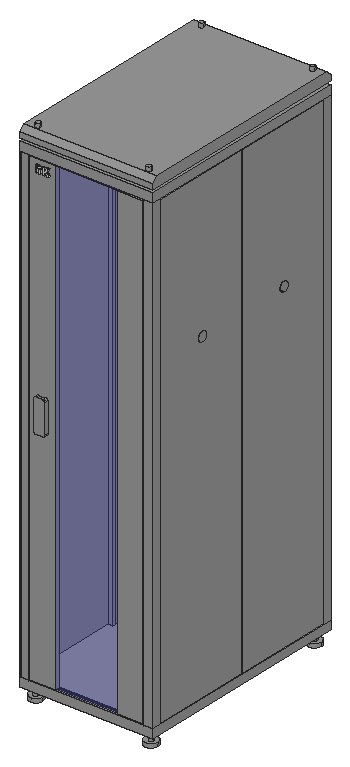
Revit family "ITK Шкаф сетевой 19 LINEA N 18U (600х1000 мм ) со стеклянной передней дверью", category Электрооборудование, Revit 2016
Family settings
  Тип детали = Другая панель
  Размер круглого соединителя = Использовать диаметр
  Номер OmniClass = 23.80.30.11.17
  Заголовок OmniClass = Distribution Boards and Control Panels
  На основе рабочей плоскости = Нет
  Всегда вертикально = Да
  При загрузке вырезать с полостями = Нет
  Общий = Нет
  Точка расчета площади = Нет
Parameters
  Ширина УГО = Ширина / 100  # 6 mm
  Ширина = 600 mm
  Степень защиты = "IP20"
  Смещение УГО по X [instance] = 1000 mm
  Основание = 50 mm
  Описание = "Напольные 19-дюймовые шкафы серии LINEA N применяются для размещения различного телекоммуникационного 19-дюймового активного и пассивного оборудования и небольших серверов, а также специализированного оборудования стандарта 19 дюймов, и отлично подходят для размещения как в офисных помещениях, так и в специализированных серверных комнатах.\r\n\r\nШирокий диапазон типоразмеров и модификаций сетевых шкафов, а также наличие большого количества комплектующих и аксессуаров к ним позволяет заказчику подобрать необходимую спецификацию в соответствии со стоящими перед ним задачами, а соответствие международным стандартам, таким как ISO9001, IEC 297, ISO/IEC 1180, обеспечивает совместимость с компонентами СКС и оборудованием других производителей.\r\n\r\nШкафы LINEA N обладают современным привлекательным дизайном и технологичной, но в то же время простой и удобной конструкцией, которая дает возможность эффективно справляться с задачами быстрого монтажа, администрирования и оперативного изменения конфигурации 19-дюймового оборудования, задачей защиты этого оборудования и поддержания для него оптимального температурного режима. Доступ внутрь шкафа возможен со всех сторон, для ввода кабеля предусмотрены вводы в верхней и нижней части. Сборка шкафа осуществляется одним специалистом и занимает не более 20 минут.\r\nРегулируемые по глубине 19-дюймовые направляющие.\r\nСовременный привлекательный дизайн.\r\nМонтажные профили имеют разметку в юнитах (U).\r\nХорошая естественная вентиляция, возможность установки дополнительных вентиляторных модулей.\r\nБоковые стенки оснащены замком и защелками.\r\nВозможность замены регулируемых ножек на ролики с тормозом.\r\nСтатическая нагрузка до 1000 кг (ножки).\r\nСборка одним человеком за 20 минут.\r\nНаличие большого количества совместимых аксессуаров и комплектующих производства ITK.\r\nВозможно исполнение в двух цветах: сером (RAL7035) и черном (RAL9005).\r\nРасширенная гарантия до 10 лет."  # constant formula
  Материал = Окраска - RAL 9005
  Крышка вентиляционная = 60 mm
  Type Comments = " "
  Assembly Code = ""
  Изготовитель = "ITK"  # constant formula
  Засечка УГО = 1.2 mm  # constant formula
  Model = ""
  Глубина УГО = Глубина / 100  # 10 mm
  Глубина = 1000 mm
  Высота = 2312 mm
  Вид установки = "Напольный"
  URL = "http://www.itk-group.ru/produktsiya/catalog/?page=section&id=450&pagen=1&pagec=100"
  ADSK_Ток = ADSK_Номинальная мощность / (ADSK_Коэффициент мощности * ADSK_Напряжение * sqrt(ADSK_Количество фаз числовое))  # 0 A
  ADSK_Примечание = ""
  ADSK_Полная мощность = ADSK_Номинальная мощность / ADSK_Коэффициент мощности  # 0 VA
  ADSK_Позиция [instance] = ""
  ADSK_Номинальная мощность = 0 W
  ADSK_Напряжение = 220 V
  ADSK_Наименование краткое = "LN35-47U61-G"
  ADSK_Наименование = "ITK Шкаф сетевой 19\" LINEA N 47U 600х1000 мм, стеклянная передняя дверь, серый"
  ADSK_Масса = 0
  ADSK_Марка = "LN35-47U61-G"
  ADSK_Коэффициент мощности = 1
  ADSK_Количество фаз числовое = 1
  ADSK_Количество фаз = 1
  ADSK_Код изделия = ""
  ADSK_Классификация нагрузок = Прочее
  ADSK_Завод-изготовитель = "IEK"
  ADSK_Единица измерения = "шт"
  ADSK_Группирование = "I. ЩИТЫ И ПУЛЬТЫ"
Reference planes
  plane 1 "По центру (Вперед/Назад)": y = 0
  plane 2: z = 0
  plane 3 "По центру (Влево/Вправо)": x = 0
  plane 4: x = -300
  plane 5: x = 300
  plane 6: y = 500
  plane 7: y = -500
  plane 8: z = 2312
  plane 9: z = 250
  plane 10: z = 2252
  plane 11: z = 50
  plane 12 "Смещение УГО по X": x = -1000
Forms (mm)
  Extrusion 1, solid, detail levels coarse+medium
    sketch origin (0, 0, 0) x (1, 0, 0) y (0, 1, 0)
      loop
        line (-300, 500) -> (-300, -500) -> (300, -500) -> (300, 500) -> (-300, 500)
    from 0 to 2312 <- "Высота"
Lines and regions (mm)
  reference lines
    curve 1: line (0, 241.146, 0) -> (0, -338.854, 0)
Dimensions and locks
  equal spacing: plane 7, plane 1 "По центру (Вперед/Назад)", plane 6
  "Глубина": plane 7 to plane 6
  equal spacing: plane 4, plane 3 "По центру (Влево/Вправо)", plane 5
  "Ширина": plane 4 to plane 5
  "Крышка вентиляционная": plane 8 to plane 10
  "Основание": plane 11 to plane 2
  "Высота": plane 8 to plane 2
  plane 12 "Смещение УГО по X" to plane 3 "По центру (Влево/Вправо)" = 1000 mm
  "Смещение УГО по X": plane 12 "Смещение УГО по X" to curve 1
  aligned and locked: level to plane 2
  aligned and locked: plane 1 "По центру (Вперед/Назад)" to nested 1
  aligned and locked: plane 3 "По центру (Влево/Вправо)" to nested 1
  aligned and locked: plane 1 "По центру (Вперед/Назад)" to nested 2
  aligned and locked: plane 3 "По центру (Влево/Вправо)" to nested 2
  aligned and locked: plane 1 "По центру (Вперед/Назад)" to nested 3
  aligned and locked: plane 3 "По центру (Влево/Вправо)" to nested 3
  aligned and locked: plane 3 "По центру (Влево/Вправо)" to nested 4
  aligned and locked: plane 1 "По центру (Вперед/Назад)" to nested 4
  aligned and locked: plane 1 "По центру (Вперед/Назад)" to nested 5
  aligned and locked: plane 3 "По центру (Влево/Вправо)" to nested 5
  aligned and locked: plane 1 "По центру (Вперед/Назад)" to nested 6
  aligned and locked: plane 3 "По центру (Влево/Вправо)" to nested 6
  aligned and locked: Extrusion 1 sketch curve to plane 4
  aligned and locked: Extrusion 1 sketch curve to plane 6
  aligned and locked: plane 7 to Extrusion 1 sketch curve
  aligned and locked: plane 5 to Extrusion 1 sketch curve
  aligned and locked: plane 1 "По центру (Вперед/Назад)" to nested 7
  aligned and locked: plane 3 "По центру (Влево/Вправо)" to nested 8
  aligned and locked: plane 1 "По центру (Вперед/Назад)" to nested 8
  aligned and locked: nested 1 to nested 6
  aligned and locked: nested 7 to curve 1
Automatic sketch dimensions
  curve 1 to plane 7 = 161.146 mm
  curve 1 to plane 1 "По центру (Вперед/Назад)" = 241.146 mm
Nested families
  nested 1: "Стойка_комплект 4шт" at (0, 0, 0), type "Стойка_комплект 4шт", detail levels fine
    with Основание 50 mm, Глубина 1000 mm, Высота 2312 mm
  nested 2: "Панель задняя" at (0, 0, 0), type "Панель задняя", detail levels fine
    with Основание 50 mm, Крыша вентиляционная 60 mm, Глубина 1000 mm, Высота 2312 mm
  nested 3: "Основание_2шт" at (0, 0, 0), type "Основание_2шт", detail levels fine
    with Крыша вентиляционная 60 mm, Глубина 1000 mm, Высота 2312 mm
  nested 4: "Крыша вентиляционная" at (0, 0, 0), type "Крыша вентиляционная", detail levels fine
    with Крыша вентиляционная 60 mm, Глубина 1000 mm, Высота 2312 mm
  nested 5: "Ножки" at (0, 0, 0), type "Ножки", detail levels fine
    with Крыша вентиляционная 60 mm, Глубина 1000 mm, Высота 2312 mm
  nested 6: "Комплект двери стекляной" at (0, 0, 0), type "Комплект двери стекляной", detail levels fine
    with Основание 50 mm, Крыша вентиляционная 60 mm, Глубина 1000 mm, Высота 2312 mm
  nested 7: "УГО (одна дверь)" at (0, 0, 0), type "УГО (одна дверь)", detail levels coarse+medium
    with Ширина УГО 6 mm, Засечка УГО 1.2 mm, Глубина УГО 10 mm
  nested 8: "Панель боковая (1000мм)_2шт" at (0, 0, 0), type "Панель боковая (1000мм)_2шт", detail levels fine
Connectors
  electrical at (0, 500, 1156), driven by "ADSK_Напряжение", driven by "ADSK_Количество фаз", driven by "ADSK_Коэффициент мощности", driven by "ADSK_Классификация нагрузок", driven by "ADSK_Полная мощность"
    settings: on Extrusion 1, index 1, voltage 220 V, apparent load 0 VA, apparent load phase1 0 VA, apparent load phase2 0 VA, apparent load phase3 0 VA, power factor 1, load classification "Прочее", number of poles 1, system type 31, power factor state 1, is connector primary yes, connector utility no, sub classification motor no, connector description ""
Definition of nested family "Стойка_комплект 4шт"
  Parameters
    Ширина = 600 mm
    Основание = 150 mm
    Материал = none
    Крыша вентиляционная = 60 mm
    Глубина = 600 mm
    Высота = 2200 mm
  Reference planes
    plane 1 "По центру (Вперед/Назад)": y = 0
    plane 2: z = 0
    plane 3 "По центру (Влево/Вправо)": x = 0
    plane 4: x = -300
    plane 5: x = 300
    plane 6: y = 300
    plane 7: y = -300
    plane 8: y = 260
    plane 9: y = -260
    plane 10: x = -260
    plane 11: x = 260
    plane 12: z = 2100
    plane 13: z = 190
    plane 14: z = 150
    plane 15: z = 2140
    plane 16: z = 2200
  Forms (mm)
    Extrusion 1, solid, material <- "Материал"
      sketch origin (0, 0, 0) x (1, 0, 0) y (0, 1, 0)
        loop
          line (-300, -260) -> (-300, -300) -> (-260, -300) -> (-260, -280) -> (-245, -280) -> (-245, -260) -> (-260, -260) -> (-260, -245) -> (-270, -245) -> (-270, -260) -> (-300, -260)
        loop
          line (300, -260) -> (270, -260) -> (270, -245) -> (260, -245) -> (260, -260) -> (245, -260) -> (245, -280) -> (260, -280) -> (260, -300) -> (300, -300) -> (300, -260)
        loop
          line (300, 260) -> (300, 300) -> (260, 300) -> (260, 270) -> (245, 270) -> (245, 260) -> (260, 260) -> (260, 245) -> (270, 245) -> (270, 260) -> (300, 260)
        loop
          line (-300, 260) -> (-270, 260) -> (-270, 245) -> (-260, 245) -> (-260, 260) -> (-245, 260) -> (-245, 270) -> (-260, 270) -> (-260, 300) -> (-300, 300) -> (-300, 260)
        loop
          line (297, 297) -> (263, 297) -> (263, 267) -> (248, 267) -> (248, 263) -> (263, 263) -> (263, 248) -> (267, 248) -> (267, 263) -> (297, 263) -> (297, 297)
        loop
          line (-263, 297) -> (-297, 297) -> (-297, 263) -> (-267, 263) -> (-267, 248) -> (-263, 248) -> (-263, 263) -> (-248, 263) -> (-248, 267) -> (-263, 267) -> (-263, 297)
        loop
          line (-297, -263) -> (-297, -297) -> (-263, -297) -> (-263, -277) -> (-248, -277) -> (-248, -263) -> (-263, -263) -> (-263, -248) -> (-267, -248) -> (-267, -263) -> (-297, -263)
        loop
          line (263, -297) -> (297, -297) -> (297, -263) -> (267, -263) -> (267, -248) -> (263, -248) -> (263, -263) -> (248, -263) -> (248, -277) -> (263, -277) -> (263, -297)
      from 190 to 2100
  Dimensions and locks
    equal spacing: plane 7, plane 1 "По центру (Вперед/Назад)", plane 6
    equal spacing: plane 4, plane 3 "По центру (Влево/Вправо)", plane 5
    "Ширина": plane 4 to plane 5
    "Глубина": plane 7 to plane 6
    locked: plane 7 to plane 9 at 40
    locked: plane 6 to plane 8 at 40
    locked: plane 11 to plane 5 at 40
    locked: plane 4 to plane 10 at 40
    locked: plane 15 to plane 12 at 40
    "Крыша вентиляционная": plane 16 to plane 15
    locked: plane 13 to plane 14 at 40
    "Основание": plane 14 to plane 2
    "Высота": plane 16 to plane 2
    aligned and locked: level to plane 2
    aligned and locked: plane 9 to Extrusion 1 sketch curve
    aligned and locked: plane 4 to Extrusion 1 sketch curve
    aligned and locked: Extrusion 1 sketch curve to plane 7
    aligned and locked: plane 5 to Extrusion 1 sketch curve
    aligned and locked: plane 8 to Extrusion 1 sketch curve  (x2)
    aligned and locked: Extrusion 1 sketch curve to plane 11  (x2)
    aligned and locked: Extrusion 1 sketch curve to plane 6
    aligned and locked: plane 10 to Extrusion 1 sketch curve  (x2)
    aligned and locked: Extrusion 1 sketch curve to plane 8  (x2)
    aligned and locked: plane 6 to Extrusion 1 sketch curve
    aligned and locked: Extrusion 1 sketch curve to plane 4
    aligned and locked: plane 7 to Extrusion 1 sketch curve
    aligned and locked: Extrusion 1 sketch curve to plane 5
    aligned and locked: Extrusion 1 sketch curve to plane 9
    aligned and locked: plane 11 to Extrusion 1 sketch curve
    aligned and locked: plane 12 to Extrusion 1
    aligned and locked: Extrusion 1 to plane 13
  Automatic sketch dimensions
    Extrusion 1 sketch curve to plane 10 = 0 mm  (x2)
    plane 9 to Extrusion 1 sketch curve = 0 mm  (x2)
    Extrusion 1 sketch curve to plane 11 = 0 mm
    plane 4 to Extrusion 1 sketch curve = 3 mm  (x2)
    Extrusion 1 sketch curve to plane 10 = 10 mm  (x2)
    Extrusion 1 sketch curve to Extrusion 1 sketch curve = 3 mm  (x16)
    Extrusion 1 sketch curve to plane 10 = 3 mm  (x4)
    plane 10 to Extrusion 1 sketch curve = 12 mm  (x2)
    Extrusion 1 sketch curve to Extrusion 1 sketch curve = 15 mm  (x2)
    Extrusion 1 sketch curve to plane 11 = 3 mm  (x4)
    Extrusion 1 sketch curve to Extrusion 1 sketch curve = 4 mm  (x4)
    plane 5 to Extrusion 1 sketch curve = 3 mm  (x2)
    Extrusion 1 sketch curve to plane 7 = 3 mm  (x2)
    Extrusion 1 sketch curve to plane 7 = 20 mm  (x2)
    plane 9 to Extrusion 1 sketch curve = 3 mm  (x4)
    Extrusion 1 sketch curve to plane 9 = 12 mm  (x2)
    Extrusion 1 sketch curve to plane 8 = 15 mm  (x2)
    plane 8 to Extrusion 1 sketch curve = 3 mm  (x4)
    Extrusion 1 sketch curve to plane 6 = 3 mm  (x2)
Definition of nested family "Панель задняя"
  Parameters
    Ширина = 600 mm
    Основание = 150 mm
    Материал = none
    Крыша вентиляционная = 45 mm
    Глубина = 600 mm
    Высота = 1800 mm
  Reference planes
    plane 1 "По центру (Вперед/Назад)": y = 0
    plane 2: z = 0
    plane 3 "По центру (Влево/Вправо)": x = 0
    plane 4: x = -300
    plane 5: x = 300
    plane 6: y = 300
    plane 7: y = -300
    plane 8: y = 260
    plane 9: y = -260
    plane 10: x = -260
    plane 11: x = 260
    plane 12: z = 1715
    plane 13: z = 190
    plane 14: z = 1710
    plane 15: z = 195
    plane 16: z = 1755
    plane 17: z = 1800
    plane 18: z = 150
    plane 19: z = 240
    plane 20: z = 320
    plane 21: z = 370
    plane 22: z = 1665
    plane 23: z = 1585
    plane 24: z = 1535
    plane 25: z = 952.5
    plane 26: x = 140
    plane 27: x = -140
  Forms (mm)
    Extrusion 1, solid, material <- "Материал"
      sketch origin (0, 0, 0) x (1, 0, 0) y (0, 1, 0)
        loop
          line (-255, 300) -> (-255, 270) -> (-245, 270) -> (-245, 290) -> (245, 290) -> (245, 270) -> (255, 270) -> (255, 300) -> (-255, 300)
      from 195 to 1710
    Extrusion 2, void
      sketch origin (0, 0, 0) x (1, 0, 0) y (0, 0, 1)
        loop
          line (-255, 372.527) -> (-255, 367.473) -> (255, 367.473) -> (255, 372.527) -> (-255, 372.527)
        loop
          line (-175, 320) -> (-175, 240) -> (175, 240) -> (175, 320) -> (-175, 320)
        loop
          line (-170, 245) -> (170, 245) -> (170, 315) -> (-170, 315) -> (-170, 245)
        loop
          line (-255, 1532.473) -> (255, 1532.473) -> (255, 1537.527) -> (-255, 1537.527) -> (-255, 1532.473)
        loop
          line (-175, 1585) -> (175, 1585) -> (175, 1665) -> (-175, 1665) -> (-175, 1585)
        loop
          line (-170, 1660) -> (-170, 1590) -> (170, 1590) -> (170, 1660) -> (-170, 1660)
      from -300 to -293
  Cuts and joins
    Extrusion 2 cuts Extrusion 1
  Dimensions and locks
    equal spacing: plane 7, plane 1 "По центру (Вперед/Назад)", plane 6
    equal spacing: plane 4, plane 3 "По центру (Влево/Вправо)", plane 5
    "Ширина": plane 4 to plane 5
    "Глубина": plane 7 to plane 6
    locked: plane 7 to plane 9 at 40
    locked: plane 6 to plane 8 at 40
    locked: plane 11 to plane 5 at 40
    locked: plane 4 to plane 10 at 40
    locked: plane 12 to plane 14 at 5
    locked: plane 15 to plane 13 at 5
    locked: plane 16 to plane 12 at 40
    "Крыша вентиляционная": plane 17 to plane 16
    locked: plane 13 to plane 18 at 40
    "Основание": plane 18 to plane 2
    equal spacing: Extrusion 2 sketch curve, plane 21, Extrusion 2 sketch curve
    locked: Extrusion 2 sketch curve to Extrusion 2 sketch curve at 5.053  (x2)
    equal spacing: Extrusion 2 sketch curve, plane 3 "По центру (Влево/Вправо)", Extrusion 2 sketch curve  (x2)
    locked: Extrusion 2 sketch curve to Extrusion 2 sketch curve at 350  (x2)
    locked: plane 19 to plane 13 at 50
    locked: plane 21 to plane 20 at 50
    locked: plane 20 to plane 19 at 80
    locked: plane 23 to plane 24 at 50
    locked: plane 12 to plane 22 at 50
    locked: plane 22 to plane 23 at 80
    equal spacing: Extrusion 2 sketch curve, plane 24, Extrusion 2 sketch curve
    locked: plane 27 to plane 10 at 120
    locked: plane 26 to plane 11 at 120
    "Высота": plane 17 to plane 2
    equal spacing: plane 18, plane 25, plane 16
    aligned and locked: level to plane 2
    aligned and locked: Extrusion 1 sketch curve to plane 6
    aligned and locked: plane 14 to Extrusion 1
    aligned and locked: Extrusion 1 to plane 15
    aligned and locked: Extrusion 2 sketch curve to Extrusion 1  (x2)
    aligned and locked: Extrusion 2 sketch curve to plane 20
    aligned and locked: plane 19 to Extrusion 2 sketch curve
    aligned and locked: plane 6 to Extrusion 2
    aligned and locked: Extrusion 2 sketch curve to plane 23
    aligned and locked: plane 22 to Extrusion 2 sketch curve
    aligned and locked: nested 2 to plane 25
    aligned and locked: plane 26 to nested 2
    aligned and locked: nested 1 to plane 25
    aligned and locked: nested 1 to plane 27
  Automatic sketch dimensions
    plane 10 to Extrusion 1 sketch curve = 5 mm
    Extrusion 1 sketch curve to Extrusion 1 sketch curve = 10 mm
    plane 11 to Extrusion 1 sketch curve = 15 mm
    plane 11 to Extrusion 1 sketch curve = 5 mm
    Extrusion 1 sketch curve to plane 6 = 10 mm
    plane 8 to Extrusion 1 sketch curve = 10 mm  (x2)
    plane 10 to Extrusion 2 sketch curve = 5 mm
    Extrusion 2 sketch curve to Extrusion 2 sketch curve = 5 mm  (x4)
    plane 11 to Extrusion 2 sketch curve = 5 mm
    plane 19 to Extrusion 2 sketch curve = 5 mm
    Extrusion 2 sketch curve to plane 20 = 5 mm
    plane 23 to Extrusion 2 sketch curve = 5 mm
    Extrusion 2 sketch curve to plane 22 = 5 mm
  Nested families
    nested 1: "Замок" at (-140, 300, 952.5) x (-1, 0, 0) z (0, 1, 0), type "Замок"
    nested 2: "Замок" at (140, 300, 952.5) x (-1, 0, 0) z (0, 1, 0), type "Замок"
  Definition of nested family "Замок"
    Parameters
      Default Elevation = 1219.2 mm
      Материал = none
    Reference planes
      plane 1 "По центру (Вперед/Назад)": y = 0
      plane 2: z = 0
      plane 3 "По центру (Влево/Вправо)": x = 0
    Forms (mm)
      Extrusion 1, solid
        sketch origin (0, 0, 0) x (1, 0, 0) y (0, 1, 0)
          loop
            line (-1219.2, 1219.2) -> (-1219.2, -1219.2) -> (1219.2, -1219.2) -> (1219.2, 1219.2) -> (-1219.2, 1219.2)
        from 0 to -304.8
      Extrusion 2, solid, material <- "Материал"
        sketch origin (0, 0, 0) x (1, 0, 0) y (0, 1, 0)
          loop
            circle (0, 0) r 20
          loop
            line (3, 8.219) -> (-3, 8.219) -> (-3, -8.219) -> (3, -8.219) -> (3, 8.219)
        from 0 to 7
    Dimensions and locks
      aligned and locked: plane 2 to Extrusion 1
      aligned and locked: level to Extrusion 1
Definition of nested family "Основание_2шт"
  Parameters
    Ширина = 600 mm
    Основание = 50 mm
    Материал = none
    Крыша вентиляционная = 100 mm
    Глубина = 600 mm
    Высота = 1800 mm
  Reference planes
    plane 1 "По центру (Вперед/Назад)": y = 0
    plane 2: z = 0
    plane 3 "По центру (Влево/Вправо)": x = 0
    plane 4: x = -300
    plane 5: x = 300
    plane 6: y = 300
    plane 7: y = -300
    plane 8: y = 260
    plane 9: y = -260
    plane 10: x = -260
    plane 11: x = 260
    plane 12: z = 1800
    plane 13: z = 90
    plane 14: z = 50
    plane 15: z = 1700
    plane 16: z = 1660
    plane 17: z = 1655
    plane 18: z = 95
  Forms (mm)
    Extrusion 1, solid, material <- "Материал"
      sketch origin (0, 0, 0) x (1, 0, 0) y (0, 0, 1)
        loop
          line (-300, 1700) -> (-300, 1660) -> (300, 1660) -> (300, 1700) -> (-300, 1700)
        loop
          line (-300, 90) -> (-300, 50) -> (300, 50) -> (300, 90) -> (-300, 90)
      from -300 to 300
    Extrusion 2, solid, material <- "Материал"
      sketch origin (-1511.359, -1524, 1660) x (-1, 0, 0) y (0, -1, 0)
        loop
          line (-1771.359, -1769) -> (-1771.359, -1784) -> (-1756.359, -1784) -> (-1756.359, -1814) -> (-1266.359, -1814) -> (-1266.359, -1784) -> (-1251.359, -1784) -> (-1251.359, -1769) -> (-1221.359, -1769) -> (-1221.359, -1279) -> (-1251.359, -1279) -> (-1251.359, -1264) -> (-1266.359, -1264) -> (-1266.359, -1244) -> (-1756.359, -1244) -> (-1756.359, -1264) -> (-1771.359, -1264) -> (-1771.359, -1279) -> (-1801.359, -1279) -> (-1801.359, -1769) -> (-1771.359, -1769)
      from -5 to 0
    Extrusion 3, solid, material <- "Материал"
      sketch origin (-1511.359, -1524, 384.733) x (0, 1, 0) y (1, 0, 0)
        loop
          line (1769, 1771.359) -> (1769, 1801.359) -> (1279, 1801.359) -> (1279, 1771.359) -> (1264, 1771.359) -> (1264, 1756.359) -> (1244, 1756.359) -> (1244, 1266.359) -> (1264, 1266.359) -> (1264, 1251.359) -> (1279, 1251.359) -> (1279, 1221.359) -> (1769, 1221.359) -> (1769, 1251.359) -> (1784, 1251.359) -> (1784, 1266.359) -> (1814, 1266.359) -> (1814, 1756.359) -> (1784, 1756.359) -> (1784, 1771.359) -> (1769, 1771.359)
      from 289.733 to 294.733
  Dimensions and locks
    equal spacing: plane 7, plane 1 "По центру (Вперед/Назад)", plane 6
    equal spacing: plane 4, plane 3 "По центру (Влево/Вправо)", plane 5
    "Ширина": plane 4 to plane 5
    "Глубина": plane 7 to plane 6
    locked: plane 7 to plane 9 at 40
    locked: plane 6 to plane 8 at 40
    locked: plane 11 to plane 5 at 40
    locked: plane 4 to plane 10 at 40
    "Основание": plane 14 to plane 2
    locked: plane 13 to plane 14 at 40
    locked: plane 15 to plane 16 at 40
    "Крыша вентиляционная": plane 12 to plane 15
    locked: plane 16 to plane 17 at 5
    locked: plane 18 to plane 13 at 5
    "Высота": plane 12 to plane 2
    aligned and locked: level to plane 2
    aligned and locked: Extrusion 1 sketch curve to plane 15
    aligned and locked: plane 4 to Extrusion 1 sketch curve  (x2)
    aligned and locked: plane 16 to Extrusion 1 sketch curve
    aligned and locked: plane 5 to Extrusion 1 sketch curve  (x2)
    aligned and locked: Extrusion 1 sketch curve to plane 13
    aligned and locked: plane 14 to Extrusion 1 sketch curve
    aligned and locked: plane 6 to Extrusion 1
    aligned and locked: plane 7 to Extrusion 1
    aligned and locked: plane 9 to Extrusion 2 sketch curve
    aligned and locked: Extrusion 2 sketch curve to plane 9
    aligned and locked: Extrusion 2 sketch curve to plane 10
    aligned and locked: plane 11 to Extrusion 2 sketch curve
    aligned and locked: Extrusion 2 sketch curve to plane 11
    aligned and locked: plane 8 to Extrusion 2 sketch curve
    aligned and locked: Extrusion 2 sketch curve to plane 8
    aligned and locked: plane 10 to Extrusion 2 sketch curve
    aligned and locked: plane 16 to Extrusion 2
    aligned and locked: Extrusion 2 to plane 17
    aligned and locked: Extrusion 3 to plane 13
    aligned and locked: plane 18 to Extrusion 3
    aligned and locked: Extrusion 2 sketch curve to Extrusion 3
  Automatic sketch dimensions
    plane 5 to Extrusion 2 sketch curve = 10 mm
    Extrusion 2 sketch curve to Extrusion 2 sketch curve = 15 mm  (x2)
    plane 10 to Extrusion 2 sketch curve = 15 mm  (x2)
    plane 4 to Extrusion 2 sketch curve = 10 mm
    Extrusion 2 sketch curve to plane 6 = 10 mm
    Extrusion 2 sketch curve to plane 8 = 15 mm  (x2)
    Extrusion 2 sketch curve to plane 9 = 15 mm  (x2)
    plane 9 to Extrusion 3 sketch curve = 0 mm  (x2)
    Extrusion 3 sketch curve to plane 11 = 0 mm  (x2)
    Extrusion 3 sketch curve to plane 10 = 0 mm  (x2)
    Extrusion 3 sketch curve to plane 8 = 0 mm  (x2)
    Extrusion 3 sketch curve to plane 7 = 20 mm
    Extrusion 3 sketch curve to plane 9 = 15 mm  (x2)
    Extrusion 3 sketch curve to Extrusion 3 sketch curve = 15 mm  (x3)
    Extrusion 3 sketch curve to plane 8 = 15 mm
    Extrusion 3 sketch curve to plane 6 = 10 mm
    plane 5 to Extrusion 3 sketch curve = 10 mm
    plane 10 to Extrusion 3 sketch curve = 15 mm  (x2)
    plane 4 to Extrusion 3 sketch curve = 10 mm
Definition of nested family "Крыша вентиляционная"
  Parameters
    Ширина = 600 mm
    Основание = 50 mm
    Материал = none
    Крыша вентиляционная = 65 mm
    Глубина = 600 mm
    Высота = 1805 mm
  Reference planes
    plane 1 "По центру (Вперед/Назад)": y = 0
    plane 2: z = 0
    plane 3 "По центру (Влево/Вправо)": x = 0
    plane 4: x = -300
    plane 5: x = 300
    plane 6: y = 300
    plane 7: y = -300
    plane 8: y = 260
    plane 9: y = -260
    plane 10: x = -260
    plane 11: x = 260
    plane 12: z = 1805
    plane 13: z = 50
    plane 14: z = 1740
    plane 15: z = 1820
    plane 16: z = 1755
  Forms (mm)
    Extrusion 1, solid, material <- "Материал"
      sketch origin (-1511.359, -1524, 1710) x (-1, 0, 0) y (0, -1, 0)
        loop
          circle (-1761.359, -1784) r 10
        loop
          circle (-1761.359, -1264) r 10
        loop
          circle (-1261.359, -1784) r 10
        loop
          circle (-1261.359, -1264) r 10
      from 30 to 110
    Extrusion 2, solid, material <- "Материал"
      sketch origin (0, 0, 0) x (0, 1, 0) y (0, 0, 1)
        loop
          line (-275, 1805) -> (-300, 1780) -> (-300, 1755) -> (300, 1755) -> (300, 1780) -> (275, 1805) -> (-275, 1805)
      from -300 to 300
  Cuts and joins
    joined: Extrusion 1, Extrusion 2
  Dimensions and locks
    equal spacing: plane 7, plane 1 "По центру (Вперед/Назад)", plane 6
    equal spacing: plane 4, plane 3 "По центру (Влево/Вправо)", plane 5
    "Ширина": plane 4 to plane 5
    "Глубина": plane 7 to plane 6
    locked: plane 7 to plane 9 at 40
    locked: plane 6 to plane 8 at 40
    locked: plane 11 to plane 5 at 40
    locked: plane 4 to plane 10 at 40
    "Основание": plane 13 to plane 2
    "Крыша вентиляционная": plane 12 to plane 14
    locked: plane 15 to plane 12 at 15
    locked: plane 16 to plane 14 at 15
    equal spacing: plane 12, Extrusion 2 sketch curve, plane 16  (x2)
    "Высота": plane 12 to plane 2
    locked: plane 12 to Extrusion 2 sketch curve (angle 45.00°)
    locked: Extrusion 2 sketch curve to plane 12 (angle 45.00°)
    aligned and locked: level to plane 2
    aligned and locked: Extrusion 1 to plane 14
    aligned and locked: plane 15 to Extrusion 1
    aligned and locked: Extrusion 2 sketch curve to plane 12
    aligned and locked: Extrusion 2 sketch curve to plane 7
    aligned and locked: plane 16 to Extrusion 2 sketch curve
    aligned and locked: Extrusion 2 sketch curve to plane 6
    aligned and locked: Extrusion 2 to plane 4
    aligned and locked: Extrusion 2 to plane 5
  Automatic sketch dimensions
    plane 9 to Extrusion 1 sketch curve = 0 mm  (x2)
    Extrusion 1 sketch curve to plane 8 = 0 mm  (x2)
    plane 11 to Extrusion 1 sketch curve = 10 mm  (x2)
    plane 10 to Extrusion 1 sketch curve = 10 mm  (x2)
    radius of Extrusion 1 sketch curve = 10 mm  (x4)
Definition of nested family "Ножки"
  Parameters
    Ширина = 600 mm
    Основание = 50 mm
    Материал = none
    Крыша вентиляционная = 100 mm
    Глубина = 600 mm
    Высота = 1800 mm
  Reference planes
    plane 1 "По центру (Вперед/Назад)": y = 0
    plane 2: z = 0
    plane 3 "По центру (Влево/Вправо)": x = 0
    plane 4: x = -300
    plane 5: x = 300
    plane 6: y = 300
    plane 7: y = -300
    plane 8: y = 260
    plane 9: y = -260
    plane 10: x = -260
    plane 11: x = 260
    plane 12: z = 1850
    plane 13: z = 50
    plane 14: z = 15
  Forms (mm)
    Extrusion 1, solid, material <- "Материал"
      sketch origin (-1511.359, -1524, 1710) x (-1, 0, 0) y (0, -1, 0)
        loop
          circle (-1251.359, -1784) r 30
        loop
          circle (-1771.359, -1784) r 30
        loop
          circle (-1251.359, -1264) r 30
        loop
          circle (-1771.359, -1264) r 30
      from -1710 to -1695
    Extrusion 2, solid, material <- "Материал"
      sketch origin (-1511.359, -1524, 1710) x (-1, 0, 0) y (0, -1, 0)
        loop
          circle (-1251.359, -1784) r 10
        loop
          circle (-1771.359, -1784) r 10
        loop
          circle (-1251.359, -1264) r 10
        loop
          circle (-1771.359, -1264) r 10
      from -1695 to -1660
  Dimensions and locks
    equal spacing: plane 7, plane 1 "По центру (Вперед/Назад)", plane 6
    equal spacing: plane 4, plane 3 "По центру (Влево/Вправо)", plane 5
    "Ширина": plane 4 to plane 5
    "Глубина": plane 7 to plane 6
    locked: plane 7 to plane 9 at 40
    locked: plane 6 to plane 8 at 40
    locked: plane 11 to plane 5 at 40
    locked: plane 4 to plane 10 at 40
    "Основание": plane 13 to plane 2
    "Высота": plane 12 to plane 13
    locked: plane 14 to plane 2 at 15
    aligned and locked: level to plane 2
    aligned and locked: plane 10 to Extrusion 1 sketch curve  (x2)
    aligned and locked: plane 9 to Extrusion 1 sketch curve  (x2)
    aligned and locked: plane 11 to Extrusion 1 sketch curve  (x2)
    aligned and locked: plane 8 to Extrusion 1 sketch curve  (x2)
    aligned and locked: plane 10 to Extrusion 2 sketch curve  (x2)
    aligned and locked: plane 8 to Extrusion 2 sketch curve  (x2)
    aligned and locked: plane 11 to Extrusion 2 sketch curve  (x2)
    aligned and locked: plane 9 to Extrusion 2 sketch curve  (x2)
    aligned and locked: Extrusion 1 to level
    aligned and locked: plane 14 to Extrusion 1
    aligned and locked: Extrusion 2 to plane 14
    aligned and locked: plane 13 to Extrusion 2
  Automatic sketch dimensions
    radius of Extrusion 1 sketch curve = 30 mm  (x4)
    radius of Extrusion 2 sketch curve = 10 mm  (x4)
Definition of nested family "Комплект двери стекляной"
  Parameters
    Ширина = 600 mm
    Основание = 150 mm
    Материал = none
    Крыша вентиляционная = 45 mm
    Глубина = 600 mm
    Высота = 1800 mm
  Reference planes
    plane 1 "По центру (Вперед/Назад)": y = 0
    plane 2: z = 0
    plane 3 "По центру (Влево/Вправо)": x = 0
    plane 4: x = -300
    plane 5: x = 300
    plane 6: y = 300
    plane 7: y = -300
    plane 8: y = 260
    plane 9: y = -260
    plane 10: x = -260
    plane 11: x = 260
    plane 12: z = 1715
    plane 13: z = 190
    plane 14: z = 1710
    plane 15: z = 195
    plane 16: z = 1755
    plane 17: z = 1800
    plane 18: z = 150
    plane 19: z = 975
    plane 20: x = -200
    plane 21: x = -140
    plane 22: x = 140
    plane 23: z = 1660
  Forms (mm)
    Extrusion 1, solid, material <- "Материал"
      sketch origin (0, 0, 0) x (1, 0, 0) y (0, 1, 0)
        loop
          line (-255, -300) -> (-140, -300) -> (-140, -280) -> (-235, -280) -> (-235, -265) -> (-245, -265) -> (-245, -280) -> (-255, -280) -> (-255, -300)
        loop
          line (255, -300) -> (255, -280) -> (245, -280) -> (245, -265) -> (235, -265) -> (235, -280) -> (140, -280) -> (140, -300) -> (255, -300)
      from 195 to 1710
    Extrusion 2, solid
      sketch origin (0, 0, 0) x (1, 0, 0) y (0, 1, 0)
        loop
          line (-140, -280) -> (-140, -300) -> (140, -300) -> (140, -280) -> (-140, -280)
      from 195 to 1710
  Dimensions and locks
    equal spacing: plane 7, plane 1 "По центру (Вперед/Назад)", plane 6
    equal spacing: plane 4, plane 3 "По центру (Влево/Вправо)", plane 5
    "Ширина": plane 4 to plane 5
    "Глубина": plane 7 to plane 6
    locked: plane 7 to plane 9 at 40
    locked: plane 6 to plane 8 at 40
    locked: plane 11 to plane 5 at 40
    locked: plane 4 to plane 10 at 40
    locked: plane 12 to plane 14 at 5
    locked: plane 15 to plane 13 at 5
    locked: plane 16 to plane 12 at 40
    "Крыша вентиляционная": plane 17 to plane 16
    locked: plane 13 to plane 18 at 40
    "Основание": plane 18 to plane 2
    equal spacing: plane 17, plane 19, plane 18
    locked: plane 4 to plane 21 at 160
    locked: plane 22 to plane 5 at 160
    locked: plane 4 to plane 20 at 100
    locked: plane 14 to plane 23 at 50
    "Высота": plane 17 to plane 2
    aligned and locked: level to plane 2
    aligned and locked: plane 14 to Extrusion 1
    aligned and locked: Extrusion 1 to plane 15
    aligned and locked: nested 1 to plane 19
    aligned and locked: plane 20 to nested 1
    aligned and locked: Extrusion 1 sketch curve to plane 21
    aligned and locked: Extrusion 1 sketch curve to plane 22
    aligned and locked: Extrusion 2 sketch curve to Extrusion 1  (x4)
    aligned and locked: plane 14 to Extrusion 2
    aligned and locked: Extrusion 2 to plane 15
    aligned and locked: plane 20 to nested 2
    aligned and locked: nested 2 to plane 23
  Automatic sketch dimensions
    plane 7 to Extrusion 1 sketch curve = 0 mm  (x2)
    Extrusion 1 sketch curve to plane 10 = 25 mm
    Extrusion 1 sketch curve to Extrusion 1 sketch curve = 10 mm  (x2)
    Extrusion 1 sketch curve to plane 10 = 5 mm
    Extrusion 1 sketch curve to plane 11 = 25 mm
    Extrusion 1 sketch curve to plane 11 = 5 mm
    plane 7 to Extrusion 1 sketch curve = 20 mm  (x3)
    Extrusion 1 sketch curve to plane 9 = 5 mm  (x2)
    Extrusion 1 sketch curve to Extrusion 1 sketch curve = 0 mm
  Nested families
    nested 1: "Ручка" at (-200, -300, 975) x (1, 0, 0) z (0, -1, 0), type "Ручка"
    nested 2: "Логотип" at (-200, -300, 1660) x (1, 0, 0) z (0, -1, 0), type "Логотип"
  Definition of nested family "Ручка"
    Parameters
      Default Elevation = 1219.2 mm
      Материал = none
    Reference planes
      plane 1 "По центру (Вперед/Назад)": y = 0
      plane 2: z = 0
      plane 3 "По центру (Влево/Вправо)": x = 0
    Forms (mm)
      Extrusion 1, solid
        sketch origin (0, 0, 0) x (1, 0, 0) y (0, 1, 0)
          loop
            line (-1219.2, 1219.2) -> (-1219.2, -1219.2) -> (1219.2, -1219.2) -> (1219.2, 1219.2) -> (-1219.2, 1219.2)
        from 0 to -304.8
      Extrusion 2, solid, material <- "Материал"
        sketch origin (0, 0, 0) x (1, 0, 0) y (0, 1, 0)
          loop
            arc (-15, 75) -> (-22.071, 72.071) -> (-25, 65) r 10
            line (-25, 65) -> (-25, -65)
            arc (-25, -65) -> (-22.071, -72.071) -> (-15, -75) r 10
            line (-15, -75) -> (15, -75)
            arc (15, -75) -> (22.071, -72.071) -> (25, -65) r 10
            line (25, -65) -> (25, 65)
            arc (25, 65) -> (22.071, 72.071) -> (15, 75) r 10
            line (15, 75) -> (-15, 75)
        from 0 to 15
    Dimensions and locks
      aligned and locked: plane 2 to Extrusion 1
      aligned and locked: level to Extrusion 1
  Definition of nested family "Логотип"
    Parameters
      Default Elevation = 1219.2 mm
      Материал = none
    Reference planes
      plane 1 "По центру (Вперед/Назад)": y = 0
      plane 2: z = 0
      plane 3 "По центру (Влево/Вправо)": x = 0
    Forms (mm)
      Extrusion 1, solid
        sketch origin (0, 0, 0) x (1, 0, 0) y (0, 1, 0)
          loop
            line (-1219.2, 1219.2) -> (-1219.2, -1219.2) -> (1219.2, -1219.2) -> (1219.2, 1219.2) -> (-1219.2, 1219.2)
        from 0 to -304.8
      Extrusion 2, solid, material <- "Материал"
        sketch origin (0, 0, 0) x (1, 0, 0) y (0, 1, 0)
          loop
            line (-24.198, 18.809) -> (-24.198, 0) -> (-15.975, 0) -> (-15.975, 18.809) -> (-24.198, 18.809)
          loop
            line (0.039, 18.809) -> (-7.705, 18.809) -> (-7.705, 0) -> (0.039, 0) -> (0.039, 18.809)
          loop
            line (-24.198, 21.431) -> (-15.975, 21.431) -> (-15.975, 29.41) -> (-24.198, 29.41) -> (-24.198, 21.431)
          loop
            line (8.482, 29.41) -> (8.482, 0) -> (16.233, 0) -> (16.233, 11.027) -> (19.197, 11.027) -> (26.358, 0) -> (35.802, 0) -> (25.102, 14.728) -> (35.802, 29.41) -> (26.358, 29.41) -> (19.197, 18.383) -> (16.233, 18.383) -> (16.233, 29.41) -> (8.482, 29.41)
          loop
            line (-13.581, 29.41) -> (-13.581, 21.431) -> (5.915, 21.431) -> (5.915, 29.41) -> (-13.581, 29.41)
        from 0 to 7
    Dimensions and locks
      aligned and locked: plane 2 to Extrusion 1
      aligned and locked: level to Extrusion 1
Definition of nested family "Панель боковая (1000мм)_2шт"
  Parameters (values of type "Панель боковая (1000мм)_2шт")
    Ширина = 600 mm
    Основание = 50 mm
    Материал = none
    Крышка вентиляционная = 60 mm
    Глубина = 1000 mm
    Высота = 2312 mm
  Reference planes
    plane 1 "По центру (Вперед/Назад)": y = 0
    plane 2: z = 0
    plane 3 "По центру (Влево/Вправо)": x = 0
    plane 4: x = -300
    plane 5: x = 300
    plane 6: y = 500
    plane 7: y = -500
    plane 8: y = 460
    plane 9: y = -460
    plane 10: x = -260
    plane 11: x = 260
    plane 12: z = 90
    plane 13: z = 95
    plane 14: z = 50
    plane 15: z = 1558
    plane 16: z = 2212
    plane 17: z = 2312
    plane 18: z = 804
    plane 19: z = 2252
    plane 20: z = 2207
  Forms (mm)
    Extrusion 1, solid, material <- "Материал"
      sketch origin (0, 0, 0) x (1, 0, 0) y (0, 1, 0)
        loop
          line (-300, 455) -> (-300, 5) -> (-270, 5) -> (-270, 15) -> (-289.98, 15) -> (-289.98, 445) -> (-270, 445) -> (-270, 455) -> (-300, 455)
        loop
          line (-300, -455) -> (-270, -455) -> (-270, -445) -> (-289.98, -445) -> (-289.98, -15) -> (-270, -15) -> (-270, -5) -> (-300, -5) -> (-300, -455)
        loop
          line (300, -455) -> (300, -5) -> (270, -5) -> (270, -15) -> (289.98, -15) -> (289.98, -445) -> (270, -445) -> (270, -455) -> (300, -455)
        loop
          line (300, 455) -> (270, 455) -> (270, 445) -> (289.98, 445) -> (289.98, 15) -> (270, 15) -> (270, 5) -> (300, 5) -> (300, 455)
      from 95 to 2207
  Dimensions and locks
    equal spacing: plane 7, plane 1 "По центру (Вперед/Назад)", plane 6
    equal spacing: plane 4, plane 3 "По центру (Влево/Вправо)", plane 5
    "Ширина": plane 4 to plane 5
    "Глубина": plane 7 to plane 6
    locked: plane 7 to plane 9 at 40
    locked: plane 6 to plane 8 at 40
    locked: plane 11 to plane 5 at 40
    locked: plane 4 to plane 10 at 40
    locked: plane 13 to plane 12 at 5
    locked: plane 12 to plane 14 at 40
    "Основание": plane 14 to plane 2
    "Высота": plane 17 to plane 2
    equal spacing: plane 17, plane 15, plane 18, plane 14
    "Крышка вентиляционная": plane 17 to plane 19
    locked: plane 19 to plane 16 at 40
    locked: plane 16 to plane 20 at 5
    aligned and locked: level to plane 2
    aligned and locked: Extrusion 1 to plane 13
    aligned and locked: nested 1 to plane 15
    aligned and locked: Extrusion 1 sketch curve to plane 4
    aligned and locked: nested 3 to plane 15
    aligned and locked: plane 15 to nested 4
    aligned and locked: plane 15 to nested 2
    aligned and locked: plane 20 to Extrusion 1
  Automatic sketch dimensions
    Extrusion 1 sketch curve to plane 4 = 0 mm
    Extrusion 1 sketch curve to plane 5 = 0 mm  (x2)
    plane 4 to Extrusion 1 sketch curve = 10.02 mm  (x2)
    Extrusion 1 sketch curve to plane 10 = 10 mm  (x4)
    Extrusion 1 sketch curve to plane 9 = 5 mm  (x2)
    Extrusion 1 sketch curve to plane 1 "По центру (Вперед/Назад)" = 5 mm  (x2)
    plane 1 "По центру (Вперед/Назад)" to Extrusion 1 sketch curve = 5 mm  (x2)
    Extrusion 1 sketch curve to plane 11 = 10 mm  (x4)
    plane 5 to Extrusion 1 sketch curve = 10.02 mm  (x2)
    Extrusion 1 sketch curve to Extrusion 1 sketch curve = 10 mm  (x6)
    Extrusion 1 sketch curve to plane 8 = 15 mm  (x2)
    Extrusion 1 sketch curve to plane 8 = 5 mm  (x2)
  Nested families
    nested 1: "Замок" at (300, 230, 1558) x (0, 1, 0) z (1, 0, 0), type "Замок"
    nested 2: "Замок" at (-300, 230, 1558) x (0, 1, 0) z (-1, 0, 0), type "Замок"
    nested 3: "Замок" at (-300, -230, 1558) x (0, -1, 0) z (-1, 0, 0), type "Замок"
    nested 4: "Замок" at (300, -230, 1558) x (0, -1, 0) z (1, 0, 0), type "Замок"
  Definition of nested family "Замок"
    Parameters
      Default Elevation = 1219.2 mm
      Материал = none
    Reference planes
      plane 1 "По центру (Вперед/Назад)": y = 0
      plane 2: z = 0
      plane 3 "По центру (Влево/Вправо)": x = 0
    Forms (mm)
      Extrusion 1, solid
        sketch origin (0, 0, 0) x (1, 0, 0) y (0, 1, 0)
          loop
            line (-1219.2, 1219.2) -> (-1219.2, -1219.2) -> (1219.2, -1219.2) -> (1219.2, 1219.2) -> (-1219.2, 1219.2)
        from 0 to -304.8
      Extrusion 2, solid, material <- "Материал"
        sketch origin (0, 0, 0) x (1, 0, 0) y (0, 1, 0)
          loop
            circle (0, 0) r 20
          loop
            line (3, 8.219) -> (-3, 8.219) -> (-3, -8.219) -> (3, -8.219) -> (3, 8.219)
        from 0 to 7
    Dimensions and locks
      aligned and locked: plane 2 to Extrusion 1
      aligned and locked: level to Extrusion 1
Definition of nested family "УГО (одна дверь)"
  Parameters (values of type "УГО (одна дверь)")
    Ширина УГО = 60 mm
    Засечка УГО = 12 mm
    Глубина УГО = 80 mm
  Reference planes
    plane 1: y = 0
    plane 2: x = 0
  Lines and regions (mm)
    detail lines
      curve 1: line (-30, 40, 0) -> (30, 40, 0)
      curve 2: line (-30, -40, 0) -> (-30, 40, 0)
      curve 3: line (30, -40, 0) -> (-30, -40, 0)
      curve 4: line (30, 40, 0) -> (30, -40, 0)
      curve 5: line (30, -40, 0) -> (30, -100, 0)
      curve 6: arc (-30, -40, 0) -> (-12.426, -82.426, 0) -> (30, -100, 0) r 60
      curve 7: line (30, -28, 0) -> (-30, -28, 0)
  Dimensions and locks
    equal spacing: curve 2, plane 2, curve 4
    "Ширина УГО": curve 2 to curve 4
    equal spacing: curve 1, plane 1, curve 3
    "Глубина УГО": curve 1 to curve 3
    "Ширина УГО": curve 3 to curve 5
    "Засечка УГО": curve 7 to curve 3
Types in the file's own list only (14): name | Ширина УГО | Ширина | Основание | Материал | Крышка вентиляционная | Засечка УГО | Глубина УГО | Глубина | Высота | ADSK_Ток | ADSK_Полная мощность | ADSK_Номинальная мощность | ADSK_Напряжение | ADSK_Наименование краткое | ADSK_Наименование | ADSK_Марка
  LN05-18U61-G | 6 мм | 600 мм | 50 мм | Окраска - RAL 9005 | 60 мм | 1 мм | 10 мм | 1000 мм | 1022 мм | 0 А | 0 В·А | 0 Вт | 220 В | "LN05-18U61-G" | "ITK Шкаф сетевой 19\" LINEA N 18U 600х1000 мм, стеклянная передняя дверь, черный" | "LN05-18U61-G"
  LN05-24U61-G | 6 мм | 600 мм | 50 мм | Окраска - RAL 9005 | 60 мм | 1 мм | 10 мм | 1000 мм | 1290 мм | 0 А | 0 В·А | 0 Вт | 220 В | "LN05-24U61-G" | "ITK Шкаф сетевой 19\" LINEA N 24U 600х1000 мм, стеклянная передняя дверь, черный" | "LN05-24U61-G"
  LN05-28U61-G | 6 мм | 600 мм | 50 мм | Окраска - RAL 9005 | 60 мм | 1 мм | 10 мм | 1000 мм | 1467 мм | 0 А | 0 В·А | 0 Вт | 220 В | "LN05-28U61-G" | "ITK Шкаф сетевой 19\" LINEA N 28U 600х1000 мм, стеклянная передняя дверь, черный" | "LN05-28U61-G"
  LN05-33U61-G | 6 мм | 600 мм | 50 мм | Окраска - RAL 9005 | 60 мм | 1 мм | 10 мм | 1000 мм | 1690 мм | 0 А | 0 В·А | 0 Вт | 220 В | "LN05-33U61-G" | "ITK Шкаф сетевой 19\" LINEA N 33U 600х1000 мм, стеклянная передняя дверь, черный" | "LN05-33U61-G"
  LN05-38U61-G | 6 мм | 600 мм | 50 мм | Окраска - RAL 9005 | 60 мм | 1 мм | 10 мм | 1000 мм | 1912 мм | 0 А | 0 В·А | 0 Вт | 220 В | "LN05-38U61-G" | "ITK Шкаф сетевой 19\" LINEA N 18U 600х1000 мм, стеклянная передняя дверь, черный" | "LN05-38U61-G"
  LN05-42U61-G | 6 мм | 600 мм | 50 мм | Окраска - RAL 9005 | 60 мм | 1 мм | 10 мм | 1000 мм | 2090 мм | 0 А | 0 В·А | 0 Вт | 220 В | "LN05-42U61-G" | "ITK Шкаф сетевой 19\" LINEA N 42U 600х1000 мм, стеклянная передняя дверь, черный" | "LN05-42U61-G"
  LN05-47U61-G | 6 мм | 600 мм | 50 мм | Окраска - RAL 9005 | 60 мм | 1 мм | 10 мм | 1000 мм | 2312 мм | 0 А | 0 В·А | 0 Вт | 220 В | "LN05-47U61-G" | "ITK Шкаф сетевой 19\" LINEA N 47U 600х1000 мм, стеклянная передняя дверь, черный" | "LN05-47U61-G"
  LN35-18U61-G | 6 мм | 600 мм | 50 мм | Окраска - RAL 7035 | 60 мм | 1 мм | 10 мм | 1000 мм | 1022 мм | 0 А | 0 В·А | 0 Вт | 220 В | "LN35-18U61-G" | "ITK Шкаф сетевой 19\" LINEA N 18U 600х1000 мм, стеклянная передняя дверь, черный" | "LN35-18U61-G"
  LN35-24U61-G | 6 мм | 600 мм | 50 мм | Окраска - RAL 7035 | 60 мм | 1 мм | 10 мм | 1000 мм | 1290 мм | 0 А | 0 В·А | 0 Вт | 220 В | "LN35-24U61-G" | "ITK Шкаф сетевой 19\" LINEA N 24U 600х1000 мм, стеклянная передняя дверь, серый" | "LN35-24U61-G"
  LN35-28U61-G | 6 мм | 600 мм | 50 мм | Окраска - RAL 7035 | 60 мм | 1 мм | 10 мм | 1000 мм | 1467 мм | 0 А | 0 В·А | 0 Вт | 220 В | "LN35-28U61-G" | "ITK Шкаф сетевой 19\" LINEA N 28U 600х1000 мм, стеклянная передняя дверь, серый" | "LN35-28U61-G"
  LN35-33U61-G | 6 мм | 600 мм | 50 мм | Окраска - RAL 7035 | 60 мм | 1 мм | 10 мм | 1000 мм | 1690 мм | 0 А | 0 В·А | 0 Вт | 220 В | "LN35-33U61-G" | "ITK Шкаф сетевой 19\" LINEA N 33U 600х1000 мм, стеклянная передняя дверь, серый" | "LN35-33U61-G"
  LN35-38U61-G | 6 мм | 600 мм | 50 мм | Окраска - RAL 7035 | 60 мм | 1 мм | 10 мм | 1000 мм | 1912 мм | 0 А | 0 В·А | 0 Вт | 220 В | "LN35-38U61-G" | "ITK Шкаф сетевой 19\" LINEA N 18U 600х1000 мм, стеклянная передняя дверь, серый" | "LN35-38U61-G"
  LN35-42U61-G | 6 мм | 600 мм | 50 мм | Окраска - RAL 7035 | 60 мм | 1 мм | 10 мм | 1000 мм | 2090 мм | 0 А | 0 В·А | 0 Вт | 220 В | "LN35-42U61-G" | "ITK Шкаф сетевой 19\" LINEA N 42U 600х1000 мм, стеклянная передняя дверь, серый" | "LN35-42U61-G"
  LN35-47U61-G | 6 мм | 600 мм | 50 мм | Окраска - RAL 7035 | 60 мм | 1 мм | 10 мм | 1000 мм | 2312 мм | 0 А | 0 В·А | 0 Вт | 220 В | "LN35-47U61-G" | "ITK Шкаф сетевой 19\" LINEA N 47U 600х1000 мм, стеклянная передняя дверь, серый" | "LN35-47U61-G"
